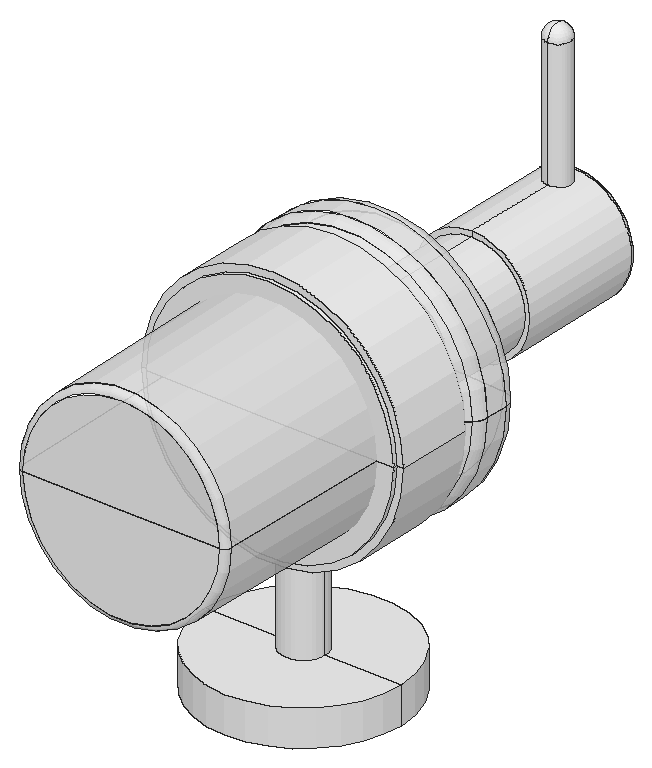
Revit family "Soap_Dispenser-Grohe-Essentials-40448_Seriesxxx", category Specialty Equipment, host Face, Revit 2014
Parameters (values of type "40448001")
  Width = 2 7/8"  # constant formula
  URL = "https://www.grohe.us"
  Type Comments = ""
  Product Page URL = "https://www.grohe.us/en_us/essentials-soap-dispenser-with-holder-40448001.html"
  Price = "Prices may vary. Please consult Manufacturer Representative for most up-to-date price list."  # constant formula
  Model = "40448001"
  Material = "Metal-Grohe-001-Chrome"
  Manufacturer = "Grohe"  # constant formula
  Length = 5"  # constant formula
  Installation Type = "Wall Mounted"  # constant formula
  Height = 6 1/8"  # constant formula
  Finish = Metal-Grohe-001-Chrome
  Description = "Essentials Soap Dispenser with Holder"  # constant formula
  Default Elevation = 43"  # constant formula
  Creation Date = "07/31/2017"  # constant formula
  Assembly Code = "C1030200"
Types (2): name | Product Page URL | Model | Material | Finish
  40448001 | "https://www.grohe.us/en_us/essentials-soap-dispenser-with-holder-40448001.html" | "40448001" | "Metal-Grohe-001-Chrome" | Metal-Grohe-001-Chrome
  40448EN1 | "https://www.grohe.us/en_us/soap-dispenser-with-holder-40448EN1.html" | "40448EN1" | "Metal-Grohe-EN1-Brushed Nickel" | Metal-Grohe-EN1-Brushed Nickel
Reference planes (in)
  plane 1 "Center (Front/Back)": y = 0
  plane 2: z = 0
  plane 3 "Center (Left/Right)": x = 0
  plane 4: z = 2.79528
  plane 5: z = 4.9375
  plane 6: x = -1.0625
  plane 7: x = 1.0625
  plane 8: y = 3.70079
  plane 9: y = -2.46446
Forms (in)
  Revolve 1, solid, material "Metal-Grohe-001-Chrome" <- "Finish"
    sketch origin (0, 0, 0) x (1, 0, 0) y (0, 0, 1)
      loop
        line (-1.0625, 0) -> (0, 0) -> (0, 0.3937) -> (-1.0625, 0.3937) -> (-1.0625, 0)
      axis (0, 0.3937) -> (0, 0)
    angle from 0 to 360
  Revolve 2, solid, material "Metal-Grohe-001-Chrome" <- "Finish"
    sketch origin (0, 0, 0) x (1, 0, 0) y (0, 0, 1)
      loop
        line (-0.23622, 0.3937) -> (0, 0.3937) -> (0, 1.5) -> (-0.23622, 1.5) -> (-0.23622, 0.3937)
      axis (0, 1.5) -> (0, 0.3937)
    angle from 0 to 360
  Revolve 3, solid, material "Glass-Grohe-Opaque"
    sketch origin (0, 0, 2.79528) x (1, 0, 0) y (0, 1, 0)
      loop
        line (1.13721, -2.39193) -> (1.16906, 0.38687) -> (1.37087, 0.5841)
        arc (1.37087, 0.5841) -> (1.41252, 0.64529) -> (1.42717, 0.71784) r 0.187
        line (1.42717, 0.71784) -> (1.42717, 0.96442)
        arc (1.42717, 0.96442) -> (1.3749, 1.09541) -> (1.24682, 1.15446) r 0.1903
        line (1.24682, 1.15446) -> (0.43999, 1.19674)
        arc (0.43999, 1.19674) -> (0.42529, 1.20352) -> (0.41929, 1.21855) r 0.02184
        line (0.41929, 1.21855) -> (0.41929, 1.39708) -> (0, 1.39708) -> (0, -2.46457) -> (1.06374, -2.46457)
        arc (1.06374, -2.46457) -> (1.1154, -2.44334) -> (1.13721, -2.39193) r 0.07347
      axis (0, 1.39708) -> (0, -2.46457)
    angle from 0 to 360
  Revolve 4, solid, material "Metal-Grohe-001-Chrome" <- "Finish"
    sketch origin (0, 0, 2.79528) x (1, 0, 0) y (0, 1, 0)
      loop
        line (1.41732, -0.41339) -> (1.41732, 0.41535) -> (1.33858, 0.41535) -> (1.33858, 0.45276) -> (0, 0.45276) -> (0, -0.45276) -> (1.33858, -0.45276) -> (1.33858, -0.41339) -> (1.41732, -0.41339)
      axis (0, 0.45276) -> (0, -0.45276)
    angle from 0 to 360
  Revolve 5, solid, material "Metal-Grohe-001-Chrome" <- "Finish"
    sketch origin (0, 0, 0) x (0, 1, 0) y (0, 0, 1)
      loop
        line (2.28346, 3.4252) -> (2.28346, 3.36614) -> (1.24016, 3.36614) -> (1.24016, 2.79528) -> (3.70079, 2.79528) -> (3.70079, 3.38676)
        arc (3.70079, 3.38676) -> (3.68953, 3.41394) -> (3.66235, 3.4252) r 0.03844
        line (3.66235, 3.4252) -> (2.28346, 3.4252)
      axis (1.24016, 2.79528) -> (3.70079, 2.79528)
    angle from 0 to 360
  Revolve 6, solid, material "Metal-Grohe-001-Chrome" <- "Finish"
    sketch origin (0, 0, 0) x (0, 1, 0) y (0, 0, 1)
      loop
        line (3.30709, 2.79528) -> (3.44488, 2.79528) -> (3.44488, 4.9375)
        arc (3.44488, 4.9375) -> (3.34745, 4.89714) -> (3.30709, 4.7997) r 0.1378
        line (3.30709, 4.7997) -> (3.30709, 2.79528)
      axis (3.44488, 4.9375) -> (3.44488, 2.79528)
    angle from 0 to 360
Cuts and joins
  joined: Revolve 1, Revolve 2, Revolve 4
  joined: Revolve 5, Revolve 6
Lines and regions (in)
  Masking region 1
    outline origin (0, 0, 0) x (1, 0, 0) y (0, 0, 1)
      loop
        arc (-0.13777, 4.2157) -> (-1.42622, 2.84493) -> (-0.23622, 1.38787) r 1.42709
        line (-0.23622, 1.38787) -> (-0.23622, 0.3937) -> (-1.0625, 0.3937) -> (-1.0625, 0) -> (1.0625, 0) -> (1.0625, 0.3937) -> (0.23622, 0.3937) -> (0.23622, 1.38787)
        arc (0.23622, 1.38787) -> (1.42622, 2.84493) -> (0.13777, 4.2157) r 1.42709
        line (0.13777, 4.2157) -> (0.13777, 4.79973)
        arc (0.13777, 4.79973) -> (0, 4.9375) -> (-0.13777, 4.79973) r 0.13777
        line (-0.13777, 4.79973) -> (-0.13777, 4.2157)
  symbolic lines, detail levels medium+fine
    curve 1: circle (0, 0, 2.79528) r 0.62992 normal (0, -1, 0)
    curve 2: line (0.13777, 0, 4.2157) -> (0.13777, 0, 3.40995)
    curve 3: line (-0.13777, 0, 4.2157) -> (-0.13777, 0, 3.40995)
    curve 4: arc (0.23622, 0, 1.38787) -> (0, 0, 1.36898) -> (-0.23622, 0, 1.38787) r 1.48587
    curve 5: line (-0.23622, 0, 0.3937) -> (0.23622, 0, 0.3937)
Dimensions and locks (in)
  aligned and locked: plane 2 to host face
  aligned and locked: level to host face
